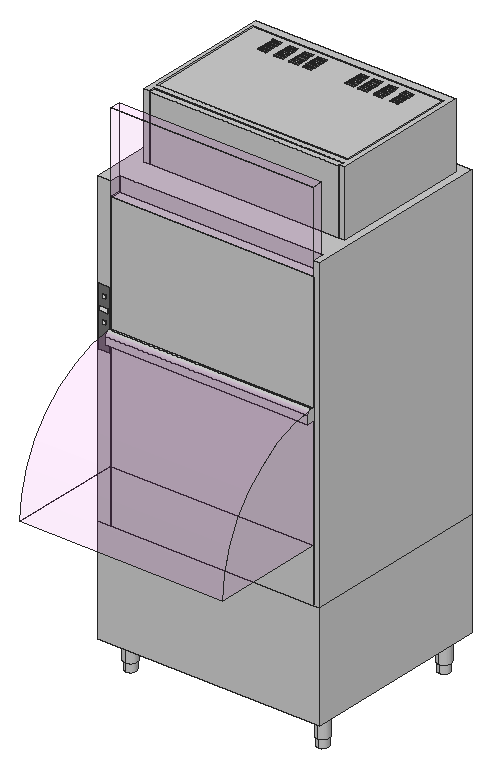
Revit family "Gi805HCRC", category Equipement spécialisé, Revit 2023
Family settings
  Cote de connecteur circulaire = Utiliser le diamètre
  Type d'élément = Normal
  Numéro OmniClass = 23.40.40.14
  Titre OmniClass = Food Service Equipment
  Basée sur le plan de construction = Non
  Autoriser la découpe dans les vues = Non
  Toujours verticalement = Oui
  Couper avec des vides une fois chargée = Non
  Conserver l'orientation des annotations = Non
  Partagée = Non
  Repère de localisation dans la pièce = Non
Parameters (values of type "6G3161_AA")
  URL catalogo = "https://www.comenda.fr/pdf/docs/Gi/GAMME_GI_2023.pdf"
  URL = "www.comenda.fr"
  Tensione = 400 V
  Temperatura raccomandata per acqua calda = 50 °C
  Show Logo [instance] = yes
  Show Clearance [instance] = yes
  Protezione contro le sovracorrenti = 16 A
  Elévation par défaut = 0 mm
  Profondità = 900 mm
  Pressione minima acqua calda = 2000.0 Pa
  Potenza elettrica = 9000 W
  Peso netto = 230.00 kg
  Numero dei poli = 3
  Modèle = "Gi 805 R RCD CRC"
  Fabricant = "COMENDA"
  Lunghezza = 1020 mm
  Frequenza = 50 Hz
  Fase = 3
  Diametro raccordo acqua calda = 3/4"
  Diametro dello scarico diretto di acqua = 1 3/8"
  Description = "THREE-PHASE FRONT LOADING POTWASHER WITH RCD"
  Corrente di funzionamento normale = 13.7 A
  Assembly Code = ""
  Altezza dello scarico diretto acqua da pavimento finito = 145 mm
  Altezza da terra raccordo acqua calda = 175 mm
  Altezza allacciamento elettrico da pavimento finito = 135 mm
  Altezza = 2340 mm
Types (2, lengths in mm): name | Modèle | Altezza
  6G3161_AA | "Gi 805 R RCD CRC" | 2340
  6G3266_AA | "Gi 805H R RCD CRC" | 2295
Reference planes
  plane 1 "Back": y = 0
  plane 2: z = 0
  plane 3 "Left": x = -30
  plane 4 "Right": x = 990
  plane 5 "Front": y = -900
  plane 6 "Top": z = 2340
  plane 7: z = 2340
Forms (mm)
  Revolve 1, solid
    sketch origin (50, -8.5, 0) x (0, 1, 0) y (0, 0, 1)
      loop
        line (-50, 135) -> (-80, 135) -> (-80, 0) -> (-55, 0) -> (-55, 40) -> (-50, 40) -> (-50, 135)
      axis (-80, 0) -> (-80, 135)
    angle from 0 to 360
  Revolve 2, solid
    sketch origin (50, -701.5, 0) x (0, 1, 0) y (0, 0, 1)
      loop
        line (-50, 135) -> (-80, 135) -> (-80, 0) -> (-55, 0) -> (-55, 40) -> (-50, 40) -> (-50, 135)
      axis (-80, 0) -> (-80, 135)
    angle from 0 to 360
  Revolve 3, solid
    sketch origin (935, -8.5, 0) x (0, 1, 0) y (0, 0, 1)
      loop
        line (-50, 135) -> (-80, 135) -> (-80, 0) -> (-55, 0) -> (-55, 40) -> (-50, 40) -> (-50, 135)
      axis (-80, 0) -> (-80, 135)
    angle from 0 to 360
  Revolve 4, solid
    sketch origin (935, -705, 0) x (0, 1, 0) y (0, 0, 1)
      loop
        line (-50, 135) -> (-80, 135) -> (-80, 0) -> (-55, 0) -> (-55, 40) -> (-50, 40) -> (-50, 135)
      axis (-80, 0) -> (-80, 135)
    angle from 0 to 360
  Extrusion 5, solid
    sketch origin (1.5, 0, 563.5) x (1, 0, 0) y (0, 1, 0)
      loop
        line (-31.5, 0) -> (-31.5, -870) -> (28.5, -870) -> (28.5, -820) -> (960, -820) -> (960, -870) -> (988.5, -870) -> (988.5, 0) -> (-31.5, 0)
    from 57 to 1476.5
  Extrusion 6, solid
    sketch origin (0, 0, -35) x (1, 0, 0) y (0, 1, 0)
      loop
        line (-30, 0) -> (-30, -870) -> (990, -870) -> (990, 0) -> (-30, 0)
    from 170 to 655
  Extrusion 7, solid
    sketch origin (33.5, 0, 0) x (0, 1, 0) y (0, 0, 1)
      loop
        line (-900, 1378) -> (-870, 1378) -> (-870, 1433) -> (-880, 1433)
        arc (-880, 1433) -> (-894.142, 1427.142) -> (-900, 1413) r 20
        line (-900, 1413) -> (-900, 1378)
    from -2.5 to 926.5
  Extrusion 8, solid
    sketch origin (0, 0, 620) x (1, 0, 0) y (0, 1, 0)
      loop
        line (31, -870) -> (960, -870) -> (960, -820) -> (31, -820) -> (31, -870)
    from 0 to 244
  Extrusion 9, solid
    sketch origin (0, 0, 864) x (1, 0, 0) y (0, 1, 0)
      loop
        line (31, -870) -> (960, -870) -> (960, -820) -> (31, -820) -> (31, -870)
    from 1 to 569
  Extrusion 10, solid
    sketch origin (0, 0, 1292) x (1, 0, 0) y (0, 1, 0)
      loop
        line (31.5, -870) -> (960, -870) -> (960, -820) -> (31.5, -820) -> (31.5, -870)
    from 141 to 681
  Extrusion 11, solid
    sketch origin (-775, -868.2, 728.939) x (1, 0, 0) y (0, 0, 1)
      loop
        line (800, 871) -> (750, 871) -> (750, 601) -> (800, 601) -> (800, 871)
    from 0 to 2
  Extrusion 12, solid
    sketch origin (-1975.001, -868.4, 756.591) x (1, 0, 0) y (0, 0, 1)
      loop
        line (1993.501, 752.409) -> (1956.501, 752.409) -> (1956.501, 734.409) -> (1993.501, 734.409) -> (1993.501, 752.409)
      loop
        line (1983.001, 788.909) -> (1983.001, 804.909) -> (1967.001, 804.909) -> (1967.001, 788.909) -> (1983.001, 788.909)
      loop
        line (1983.001, 681.909) -> (1983.001, 697.909) -> (1967.001, 697.909) -> (1967.001, 681.909) -> (1983.001, 681.909)
    from 0 to 2
  Extrusion 13, solid
    sketch origin (962, -870, 710) x (0, 1, 0) y (0, 0, -1)
      loop
        line (0, -1263) -> (0, -1630) -> (50, -1630) -> (50, -1263) -> (0, -1263)
    from 1.5 to 930.5
  Extrusion 14, void
    sketch origin (935, -785, 0) x (1, 0, 0) y (0, 1, 0)
      loop
        circle (-175, 175) r 17.5
    from 0 to 145
  Extrusion 15, void
    sketch origin (945, -785, 0) x (1, 0, 0) y (0, 1, 0)
      loop
        circle (-895, 35) r 10
    from 0 to 175
  Extrusion 16, solid
    sketch origin (0, 0, 135) x (0, 1, 0) y (1, 0, 0)
      loop
        circle (-848, 905) r 4.85
    from 0 to 1
  Extrusion 17, solid
    sketch origin (-1089.5, 119.987, 2067.993) x (1, 0, 0) y (0, 1, 0)
      loop
        line (1124.5, -165) -> (1124.5, -805) -> (1149.5, -805) -> (1149.5, -780) -> (2019.5, -780) -> (2019.5, -805) -> (2044.5, -805) -> (2044.5, -165) -> (1124.5, -165)
      loop
        line (2019.5, -755) -> (2019.5, -204.872) -> (1144.5, -204.872) -> (1144.5, -755) -> (2019.5, -755)
    from -27.993 to 272.007
  Extrusion 18, solid
    sketch origin (-1089.5, 119.987, 2067.993) x (1, 0, 0) y (0, 1, 0)
      loop
        line (2017.5, -206.872) -> (1151.5, -206.872) -> (1151.5, -753) -> (2017.5, -753) -> (2017.5, -206.872)
    from -27.993 to 272.007
  Extrusion 19, solid
    sketch origin (930, -660.013, 2067.993) x (-1, 0, 0) y (0, 0, -1)
      loop
        line (868, -270.007) -> (868, 27.993) -> (2, 27.993) -> (2, -270.007) -> (868, -270.007)
    from 0 to 25
  Extrusion 20, solid
    sketch origin (-1089.5, 119.987, 2340) x (1, 0, 0) y (0, 1, 0)
      loop
        line (1260.948, -234.377) -> (1260.948, -244.376) -> (1300.948, -244.376) -> (1300.948, -234.377) -> (1260.948, -234.377)
      loop
        line (1260.948, -254.377) -> (1260.948, -264.377) -> (1300.948, -264.377) -> (1300.948, -254.377) -> (1260.948, -254.377)
      loop
        line (1260.948, -274.377) -> (1260.948, -284.377) -> (1300.948, -284.377) -> (1300.948, -274.377) -> (1260.948, -274.377)
      loop
        line (1260.948, -294.377) -> (1260.948, -304.377) -> (1300.948, -304.377) -> (1300.948, -294.377) -> (1260.948, -294.377)
      loop
        line (1260.948, -314.377) -> (1260.948, -324.377) -> (1300.948, -324.377) -> (1300.948, -314.377) -> (1260.948, -314.377)
      loop
        line (1335.948, -234.377) -> (1335.948, -244.376) -> (1375.948, -244.376) -> (1375.948, -234.377) -> (1335.948, -234.377)
      loop
        line (1335.948, -254.377) -> (1335.948, -264.377) -> (1375.948, -264.377) -> (1375.948, -254.377) -> (1335.948, -254.377)
      loop
        line (1335.948, -274.377) -> (1335.948, -284.377) -> (1375.948, -284.377) -> (1375.948, -274.377) -> (1335.948, -274.377)
      loop
        line (1335.948, -294.377) -> (1335.948, -304.377) -> (1375.948, -304.377) -> (1375.948, -294.377) -> (1335.948, -294.377)
      loop
        line (1335.948, -314.377) -> (1335.948, -324.377) -> (1375.948, -324.377) -> (1375.948, -314.377) -> (1335.948, -314.377)
      loop
        line (1405.948, -234.377) -> (1405.948, -244.376) -> (1445.948, -244.376) -> (1445.948, -234.377) -> (1405.948, -234.377)
      loop
        line (1405.948, -254.377) -> (1405.948, -264.377) -> (1445.948, -264.377) -> (1445.948, -254.377) -> (1405.948, -254.377)
      loop
        line (1405.948, -274.377) -> (1405.948, -284.377) -> (1445.948, -284.377) -> (1445.948, -274.377) -> (1405.948, -274.377)
      loop
        line (1405.948, -294.377) -> (1405.948, -304.377) -> (1445.948, -304.377) -> (1445.948, -294.377) -> (1405.948, -294.377)
      loop
        line (1405.948, -314.377) -> (1405.948, -324.377) -> (1445.948, -324.377) -> (1445.948, -314.377) -> (1405.948, -314.377)
      loop
        line (1466.948, -234.377) -> (1466.948, -244.376) -> (1506.948, -244.376) -> (1506.948, -234.377) -> (1466.948, -234.377)
      loop
        line (1466.948, -254.377) -> (1466.948, -264.377) -> (1506.948, -264.377) -> (1506.948, -254.377) -> (1466.948, -254.377)
      loop
        line (1466.948, -274.377) -> (1466.948, -284.377) -> (1506.948, -284.377) -> (1506.948, -274.377) -> (1466.948, -274.377)
      loop
        line (1466.948, -294.377) -> (1466.948, -304.377) -> (1506.948, -304.377) -> (1506.948, -294.377) -> (1466.948, -294.377)
      loop
        line (1466.948, -314.377) -> (1466.948, -324.377) -> (1506.948, -324.377) -> (1506.948, -314.377) -> (1466.948, -314.377)
      loop
        line (1908.148, -234.377) -> (1868.148, -234.377) -> (1868.148, -244.376) -> (1908.148, -244.376) -> (1908.148, -234.377)
      loop
        line (1908.148, -254.377) -> (1868.148, -254.377) -> (1868.148, -264.377) -> (1908.148, -264.377) -> (1908.148, -254.377)
      loop
        line (1908.148, -274.377) -> (1868.148, -274.377) -> (1868.148, -284.377) -> (1908.148, -284.377) -> (1908.148, -274.377)
      loop
        line (1908.148, -294.377) -> (1868.148, -294.377) -> (1868.148, -304.377) -> (1908.148, -304.377) -> (1908.148, -294.377)
      loop
        line (1908.148, -314.377) -> (1868.148, -314.377) -> (1868.148, -324.377) -> (1908.148, -324.377) -> (1908.148, -314.377)
      loop
        line (1833.148, -234.377) -> (1793.148, -234.377) -> (1793.148, -244.376) -> (1833.148, -244.376) -> (1833.148, -234.377)
      loop
        line (1833.148, -254.377) -> (1793.148, -254.377) -> (1793.148, -264.377) -> (1833.148, -264.377) -> (1833.148, -254.377)
      loop
        line (1833.148, -274.377) -> (1793.148, -274.377) -> (1793.148, -284.377) -> (1833.148, -284.377) -> (1833.148, -274.377)
      loop
        line (1833.148, -294.377) -> (1793.148, -294.377) -> (1793.148, -304.377) -> (1833.148, -304.377) -> (1833.148, -294.377)
      loop
        line (1833.148, -314.377) -> (1793.148, -314.377) -> (1793.148, -324.377) -> (1833.148, -324.377) -> (1833.148, -314.377)
      loop
        line (1763.148, -234.377) -> (1723.148, -234.377) -> (1723.148, -244.376) -> (1763.148, -244.376) -> (1763.148, -234.377)
      loop
        line (1763.148, -254.377) -> (1723.148, -254.377) -> (1723.148, -264.377) -> (1763.148, -264.377) -> (1763.148, -254.377)
      loop
        line (1763.148, -274.377) -> (1723.148, -274.377) -> (1723.148, -284.377) -> (1763.148, -284.377) -> (1763.148, -274.377)
      loop
        line (1763.148, -294.377) -> (1723.148, -294.377) -> (1723.148, -304.377) -> (1763.148, -304.377) -> (1763.148, -294.377)
      loop
        line (1763.148, -314.377) -> (1723.148, -314.377) -> (1723.148, -324.377) -> (1763.148, -324.377) -> (1763.148, -314.377)
      loop
        line (1702.148, -234.377) -> (1662.148, -234.377) -> (1662.148, -244.376) -> (1702.148, -244.376) -> (1702.148, -234.377)
      loop
        line (1702.148, -254.377) -> (1662.148, -254.377) -> (1662.148, -264.377) -> (1702.148, -264.377) -> (1702.148, -254.377)
      loop
        line (1702.148, -274.377) -> (1662.148, -274.377) -> (1662.148, -284.377) -> (1702.148, -284.377) -> (1702.148, -274.377)
      loop
        line (1702.148, -294.377) -> (1662.148, -294.377) -> (1662.148, -304.377) -> (1702.148, -304.377) -> (1702.148, -294.377)
      loop
        line (1702.148, -314.377) -> (1662.148, -314.377) -> (1662.148, -324.377) -> (1702.148, -324.377) -> (1702.148, -314.377)
    from 0 to 0.5
  Extrusion 21, solid
    sketch origin (-30, 0, 0) x (0, 1, 0) y (0, 0, 1)
      loop
        line (-870, 864) -> (-870, 1432.803)
        arc (-870, 1432.803) -> (-1240.695, 1249.599) -> (-1389.999, 864) r 570
        line (-1389.999, 864) -> (-870, 864)
    from 60 to 990
Cuts and joins
  Extrusion 14, Extrusion 15 cuts Extrusion 5
  Extrusion 14, Extrusion 15 cuts Extrusion 6
  joined: Extrusion 5, Extrusion 6
Lines and regions (mm)
  symbolic lines, style "200-EquipBorder-2D"
    curve 1: line (-30, 0, 0) -> (990, 0, 0)
    curve 2: line (-30, -870, 0) -> (-30, 0, 0)
    curve 3: line (990, -870, 0) -> (-30, -870, 0)
    curve 4: line (990, 0, 0) -> (990, -870, 0)
    curve 7: line (31, -870, 0) -> (31, -900, 0)
    curve 8: line (31, -900, 0) -> (960, -900, 0)
    curve 10: line (960, -900, 0) -> (960, -870, 0)
  symbolic lines, style "200-EquipInternal-2D"
    curve 5: line (31, -870, 0) -> (31, -820, 0)
    curve 6: line (31, -820, 0) -> (960, -820, 0)
    curve 11: line (960, -820, 0) -> (960, -870, 0)
  symbolic lines, style "QF_Door-Drawer Clearances", visible <- "Show Clearance"
    curve 9: line (31, -870, 0) -> (31, -1163.631, 0)
    curve 12: line (960, -1163.631, 0) -> (960, -870, 0)
    curve 13: line (31, -1163.631, 0) -> (960, -1163.631, 0)
  symbolic lines, style "200-InsPoint-3D"
    curve 14: circle (-30, 0, 0) r 0.2 normal (0, 0, 1)
    curve 15: circle (990, 0, 0) r 0.2 normal (0, 0, 1)
    curve 16: circle (-30, -870, 0) r 0.2 normal (0, 0, 1)
    curve 17: circle (990, -870, 0) r 0.2 normal (0, 0, 1)
Dimensions and locks
  "Lunghezza": plane 3 "Left" to plane 4 "Right"
  "Profondità": plane 5 "Front" to plane 1 "Back"
  "Altezza": plane 6 "Top" to level
  cut or joined group of Extrusion 5, Extrusion 6, Extrusion 14, Extrusion 15 to Extrusion 10 = 67 mm
  plane 6 "Top" to level = 2340 mm
  locked: Extrusion 9 to level at 865
  locked: cut or joined group of Extrusion 5, Extrusion 6, Extrusion 14, Extrusion 15 to level at 135
  locked: cut or joined group of Extrusion 5, Extrusion 6, Extrusion 14, Extrusion 15 to level at 620.5
  locked: Extrusion 12 to level at 1491
  locked: Extrusion 12 to Extrusion 11 at 108.561
  curve 12 to curve 11 = 0 mm
  Extrusion 17 sketch curve to Extrusion 17 sketch curve = 920 mm
  locked: Extrusion 17 sketch curve to Extrusion 17 sketch curve at 640
  locked: Extrusion 17 sketch curve to Extrusion 17 sketch curve at 25  (x3)
  Extrusion 17 sketch curve to Extrusion 17 sketch curve = 20 mm
  locked: plane 6 "Top" to cut or joined group of Extrusion 5, Extrusion 6, Extrusion 14, Extrusion 15 at 300
  locked: cut or joined group of Extrusion 5, Extrusion 6, Extrusion 14, Extrusion 15 to Extrusion 10 at 67
  locked: plane 6 "Top" to Extrusion 10 at 907
  "Altezza": plane 7 to level
  aligned and locked: level to plane 2
  aligned and locked: Extrusion 7 sketch curve to Extrusion 9
  aligned and locked: Extrusion 13 sketch curve to Extrusion 10  (x2)
  aligned and locked: cut or joined group of Extrusion 5, Extrusion 6, Extrusion 14, Extrusion 15 to Extrusion 13 sketch curve
  aligned and locked: Extrusion 7 to Extrusion 9
  aligned and locked: Extrusion 9 to Extrusion 7
  aligned and locked: Extrusion 10 to Extrusion 7
  aligned and locked: Extrusion 13 to Extrusion 10
  aligned and locked: Extrusion 17 to Extrusion 18
  aligned and locked: Extrusion 19 to Extrusion 17  (x2)
  aligned and locked: Extrusion 19 to cut or joined group of Extrusion 5, Extrusion 6, Extrusion 14, Extrusion 15
  aligned and locked: Extrusion 17 to cut or joined group of Extrusion 5, Extrusion 6, Extrusion 14, Extrusion 15
  aligned and locked: Extrusion 18 to cut or joined group of Extrusion 5, Extrusion 6, Extrusion 14, Extrusion 15
  aligned and locked: plane 6 "Top" to Extrusion 17
  aligned and locked: plane 6 "Top" to Extrusion 13
Automatic sketch dimensions
  Revolve 1 sketch curve to level = 0 mm
  plane 1 "Back" to Revolve 1 sketch curve = 88.5 mm
  Revolve 1 sketch curve to Revolve 1 sketch curve = 25 mm
  Revolve 1 sketch curve to Revolve 1 sketch curve = 5 mm
  level to Revolve 1 sketch curve = 40 mm
  Revolve 1 sketch curve to Revolve 1 sketch curve = 95 mm
  Revolve 1 sketch curve to Revolve 1 sketch curve = 0 mm
  Revolve 1 sketch curve to Revolve 1 sketch curve = 35 mm
  Revolve 1 sketch curve to Revolve 1 sketch curve = 15 mm
  Revolve 2 sketch curve to level = 0 mm
  plane 5 "Front" to Revolve 2 sketch curve = 118.5 mm
  Revolve 2 sketch curve to Revolve 2 sketch curve = 25 mm
  Revolve 2 sketch curve to Revolve 2 sketch curve = 5 mm
  level to Revolve 2 sketch curve = 40 mm
  Revolve 2 sketch curve to Revolve 2 sketch curve = 95 mm
  Revolve 2 sketch curve to Revolve 2 sketch curve = 0 mm
  Revolve 2 sketch curve to Revolve 2 sketch curve = 35 mm
  Revolve 2 sketch curve to Revolve 2 sketch curve = 15 mm
  Revolve 3 sketch curve to level = 0 mm
  plane 1 "Back" to Revolve 3 sketch curve = 88.5 mm
  Revolve 3 sketch curve to Revolve 3 sketch curve = 25 mm
  Revolve 3 sketch curve to Revolve 3 sketch curve = 5 mm
  level to Revolve 3 sketch curve = 40 mm
  Revolve 3 sketch curve to Revolve 3 sketch curve = 95 mm
  Revolve 3 sketch curve to Revolve 3 sketch curve = 0 mm
  Revolve 3 sketch curve to Revolve 3 sketch curve = 35 mm
  Revolve 3 sketch curve to Revolve 3 sketch curve = 15 mm
  Revolve 4 sketch curve to level = 0 mm
  plane 5 "Front" to Revolve 4 sketch curve = 115 mm
  Revolve 4 sketch curve to Revolve 4 sketch curve = 25 mm
  Revolve 4 sketch curve to Revolve 4 sketch curve = 5 mm
  level to Revolve 4 sketch curve = 40 mm
  Revolve 4 sketch curve to Revolve 4 sketch curve = 95 mm
  Revolve 4 sketch curve to Revolve 4 sketch curve = 0 mm
  Revolve 4 sketch curve to Revolve 4 sketch curve = 35 mm
  Revolve 4 sketch curve to Revolve 4 sketch curve = 15 mm
  plane 1 "Back" to Extrusion 5 sketch curve = 0 mm
  Extrusion 5 sketch curve to plane 3 "Left" = 0 mm
  Extrusion 5 sketch curve to plane 4 "Right" = 0 mm
  plane 3 "Left" to Extrusion 5 sketch curve = 60 mm
  Extrusion 5 sketch curve to Extrusion 5 sketch curve = 28.5 mm
  plane 5 "Front" to Extrusion 5 sketch curve = 80 mm
  plane 5 "Front" to Extrusion 5 sketch curve = 30 mm  (x2)
  Extrusion 6 sketch curve to plane 3 "Left" = 0 mm
  Extrusion 6 sketch curve to plane 4 "Right" = 0 mm
  plane 1 "Back" to Extrusion 6 sketch curve = 0 mm
  plane 5 "Front" to Extrusion 6 sketch curve = 30 mm
  Extrusion 7 sketch curve to plane 5 "Front" = 0 mm
  Extrusion 7 sketch curve to Extrusion 7 sketch curve = 20 mm
  Extrusion 7 sketch curve to Extrusion 7 sketch curve = 30 mm
  Extrusion 7 sketch curve to Extrusion 7 sketch curve = 35 mm
  Extrusion 6 to Extrusion 8 sketch curve = 0 mm
  Extrusion 8 sketch curve to Extrusion 6 = 61 mm
  Extrusion 8 sketch curve to Extrusion 6 = 30 mm
  Extrusion 8 sketch curve to Extrusion 6 = 50 mm
  Extrusion 9 sketch curve to Extrusion 8 = 0 mm  (x3)
  Extrusion 8 to Extrusion 9 sketch curve = 0 mm
  plane 3 "Left" to Extrusion 10 sketch curve = 61.5 mm
  plane 4 "Right" to Extrusion 10 sketch curve = 30 mm
  plane 5 "Front" to Extrusion 10 sketch curve = 30 mm
  Extrusion 10 sketch curve to Extrusion 10 sketch curve = 50 mm
  plane 3 "Left" to Extrusion 11 sketch curve = 5 mm
  Extrusion 11 sketch curve to Extrusion 11 sketch curve = 50 mm
  Extrusion 11 sketch curve to plane 6 "Top" = 1010.061 mm
  Extrusion 11 sketch curve to Extrusion 11 sketch curve = 270 mm
  plane 3 "Left" to Extrusion 12 sketch curve = 11.5 mm
  plane 3 "Left" to Extrusion 12 sketch curve = 22 mm  (x2)
  Extrusion 12 sketch curve to Extrusion 12 sketch curve = 16 mm  (x4)
  Extrusion 12 sketch curve to Extrusion 12 sketch curve = 37 mm
  Extrusion 12 sketch curve to plane 6 "Top" = 901.5 mm
  Extrusion 12 sketch curve to Extrusion 12 sketch curve = 36.5 mm  (x2)
  Extrusion 12 sketch curve to Extrusion 12 sketch curve = 18 mm
  Revolve 4 to Extrusion 14 sketch curve = 175 mm
  Revolve 4 to Extrusion 15 sketch curve = 885 mm
  Extrusion 6 to Extrusion 16 sketch curve = 22 mm
  Extrusion 6 to Extrusion 16 sketch curve = 85 mm
  plane 3 "Left" to Extrusion 17 sketch curve = 65 mm
  Extrusion 17 sketch curve to Extrusion 17 sketch curve = 0 mm
  plane 5 "Front" to Extrusion 17 sketch curve = 214.987 mm
  Extrusion 17 sketch curve to Extrusion 17 sketch curve = 25 mm  (x2)
  Extrusion 17 sketch curve to Extrusion 17 sketch curve = 39.872 mm
  plane 3 "Left" to Extrusion 18 sketch curve = 92 mm
  plane 4 "Right" to Extrusion 18 sketch curve = 62 mm
  plane 5 "Front" to Extrusion 18 sketch curve = 266.987 mm
  plane 1 "Back" to Extrusion 18 sketch curve = 86.885 mm
  Extrusion 19 sketch curve to Extrusion 17 = 2 mm
  Extrusion 17 to Extrusion 19 sketch curve = 2 mm  (x2)
  Extrusion 19 sketch curve to Extrusion 17 = 0 mm
  Extrusion 20 sketch curve to Extrusion 18 = 27.505 mm  (x5)
  Extrusion 20 sketch curve to Extrusion 18 = 109.448 mm
  Extrusion 20 sketch curve to Extrusion 20 sketch curve = 0 mm  (x58)
  Extrusion 20 sketch curve to Extrusion 20 sketch curve = 40 mm  (x10)
  Extrusion 20 sketch curve to Extrusion 20 sketch curve = 35 mm  (x4)
  Extrusion 20 sketch curve to Extrusion 20 sketch curve = 30 mm  (x4)
  Extrusion 20 sketch curve to Extrusion 20 sketch curve = 21 mm  (x4)
  Extrusion 20 sketch curve to Extrusion 20 sketch curve = 155.2 mm
  Extrusion 20 sketch curve to Extrusion 20 sketch curve = 10 mm  (x72)
  Extrusion 20 sketch curve to Extrusion 18 = 37.505 mm
  Extrusion 13 sketch curve to Extrusion 13 sketch curve = 367 mm
  curve 16 to plane 3 "Left" = 0 mm
  curve 2 to plane 3 "Left" = 0 mm
  plane 1 "Back" to curve 14 = 0 mm
  curve 14 to plane 3 "Left" = 0 mm
  curve 8 to plane 5 "Front" = 0 mm
  plane 1 "Back" to curve 4 = 0 mm
  curve 4 to plane 4 "Right" = 0 mm
  plane 1 "Back" to curve 15 = 0 mm
  curve 15 to plane 4 "Right" = 0 mm
  curve 17 to plane 4 "Right" = 0 mm
  plane 3 "Left" to curve 13 = 61 mm
  curve 5 to curve 9 = 0 mm
  curve 8 to curve 5 = 0 mm
  plane 4 "Right" to curve 13 = 30 mm
  curve 8 to curve 11 = 0 mm
  plane 5 "Front" to curve 4 = 30 mm
  curve 17 to curve 3 = 0 mm
  curve 16 to curve 2 = 0 mm
  curve 10 to curve 6 = 50 mm
  curve 13 to plane 5 "Front" = 263.631 mm
  plane 5 "Front" to Extrusion 21 sketch curve = 80 mm
  level to Extrusion 21 sketch curve = 865 mm
  plane 5 "Front" to Extrusion 21 sketch curve = 30 mm
  Extrusion 21 sketch curve to plane 5 "Front" = 489.999 mm
  Extrusion 21 sketch curve to Extrusion 21 sketch curve = 1 mm
  Extrusion 21 sketch curve to Extrusion 21 sketch curve = 0 mm
  radius of Extrusion 14 sketch curve = 17.5 mm
  radius of Extrusion 15 sketch curve = 10 mm
  radius of Extrusion 16 sketch curve = 4.85 mm
  radius of curve 14 = 0.2 mm
  radius of curve 15 = 0.2 mm
  radius of curve 16 = 0.2 mm
  radius of curve 17 = 0.2 mm
Connectors
  piping at (760, -610, 145), diameter 35
    settings: on cut or joined group of Extrusion 5, Extrusion 6, Extrusion 14, Extrusion 15, index 1, connector inside diameter 24", connector length 0 mm, flow factor 0, pipe flow 0.0 L/s, pressure drop 0.0 Pa, fitting loss kfactor 0, connector angle 0.00°, fixture units 0, engagement length 0 mm, angle of deflection 0.00°, flow configuration 0, flow direction 0, fitting loss method 0, system type 19, joint type 0, gender type 0, connector reference index -1, connector utility 0, adjustable connector no, is connector primary yes, connector description ""
  piping at (760, -610, 145), diameter 34.925, driven by "Diametro dello scarico diretto di acqua"
    settings: on cut or joined group of Extrusion 5, Extrusion 6, Extrusion 14, Extrusion 15, index 2, connector inside diameter 24", connector length 0 mm, flow factor 0, pipe flow 0.0 L/s, pressure drop 0.0 Pa, fitting loss kfactor 0, connector angle 0.00°, fixture units 0, engagement length 0 mm, angle of deflection 0.00°, flow configuration 0, flow direction 2, fitting loss method 0, system type 16, joint type 0, gender type 0, connector reference index -1, connector utility 0, adjustable connector no, is connector primary no, connector description "QF_DRAIN_CONNECTION"
  piping at (50, -750, 175), diameter 19.05, driven by "Diametro raccordo acqua calda"
    settings: on cut or joined group of Extrusion 5, Extrusion 6, Extrusion 14, Extrusion 15, index 3, connector inside diameter 24", connector length 0 mm, flow factor 0, pipe flow 0.0 L/s, pressure drop 0.0 Pa, fitting loss kfactor 0, connector angle 0.00°, fixture units 0, engagement length 0 mm, angle of deflection 0.00°, flow configuration 0, flow direction 1, fitting loss method 0, system type 19, joint type 0, gender type 0, connector reference index -1, connector utility 0, adjustable connector no, is connector primary no, connector description "QF_WATER_CONNECTION"
  electrical at (905, -848, 135), driven by "Numero dei poli", driven by "Tensione", driven by "Potenza elettrica"
    settings: on Extrusion 16, index 4, voltage 400 V, apparent load 9000 VA, apparent load phase1 0 VA, apparent load phase2 0 VA, apparent load phase3 0 VA, power factor 1, load classification "Altro", number of poles 3, system type 30, power factor state 1, is connector primary yes, connector utility no, sub classification motor no, connector description "QF_ELECTRICAL_CONNCTION"
